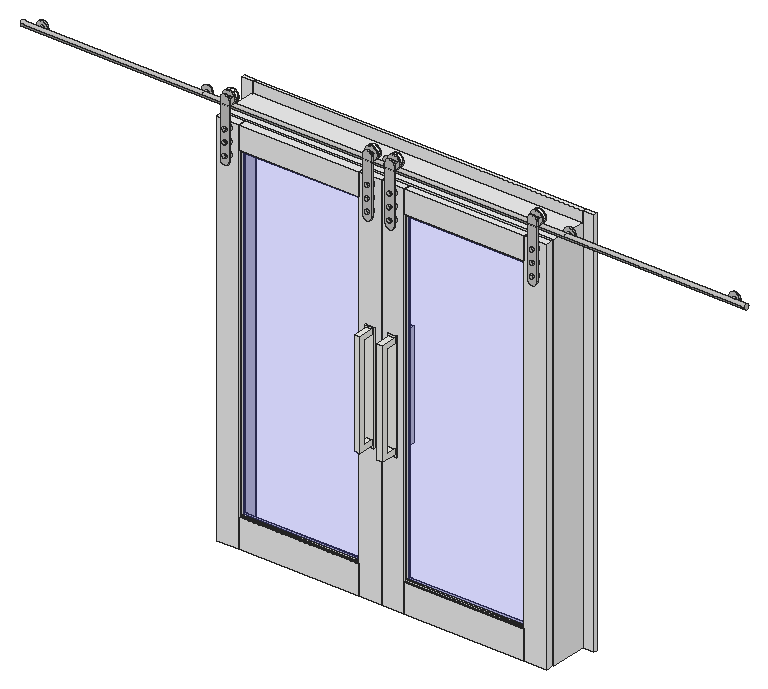
Revit family "Interior_Correr_Externa_c_Trilho_Metlico_de_2_Folhas_9160", category Portas, Revit 2015
Parameters (values of type "1800 x 2100 mm")
  Vão_Largura = Largura + 2 * Aduela_Espessura  # 1830 mm
  Vão_Altura = Altura + Aduela_Espessura  # 2115 mm
  Vidro = Porta - Vidro
  Verga = ""
  URL = "www.cesarita.com"
  Comentários de tipos = "100% Paramétrico"
  Trilho_Afastado da Face da Parede = 12.5 mm
  Trilho = Metal - Aço Inox
  Roldana_Ressalto = 80 mm
  Roldana - Plástico = Plástico
  Roldana = Metal - Aço Inox
  Rodízio/Calha & Guia = ""
  Puxador_Distância Y = 1070 mm
  Puxador_Distância X = Couceira_Lateral / 2  # 62.5 mm
  Puxador_Altura = 550 mm
  Puxador = Porta - Puxador
  Peitoril/Soleira = ""
  Painel_Largura = Vão_Largura / 2  # 915 mm
  Ombreiras = ""
  Guia = Metal - Aço Inox
  Função = Interior
  Fecho_Pano Exterior = 15 mm
  Fechaduras = ""
  Dobradiças = ""
  Couceira_Travessa Superior = 125 mm
  Couceira_Travessa Inferior = 165 mm
  Couceira_Lateral = 125 mm
  Couceira = Porta - Couceira Pintura de Cor Branco
  Painel_Espessura = 40 mm
  Modelo = "2 Folhas de Correr Externa"
  Fabricante = "CESARITA"
  Altura = 2100 mm
  Fechamento da parede = Por hospedeiro
  Largura = 1800 mm
  Grosseiro = Porta - Grosseiro Pintura de Cor Branco
  Descrição = "Porta de Madeira - Mógno c/ Vidro Liso"
  Assembly Code = ""
  Aduela_Espessura = 15 mm
  Aduela = Porta - Aduela Pintura de Cor Branco
  Abertura % = 0
  Abertura = if(Abertura % > 100, Vão_Largura, if(Abertura % < 0, 0 mm, Vão_Largura * Abertura % / 100))  # 0 mm
Reference planes
  plane 1 "Centro (Frente/Tardoz)": y = 0
  plane 2 "Centro (Esquerda/Direita)": x = -1.363
  plane 3 "Interior": y = 100
  plane 4 "Exterior": y = -100
  plane 5 "Aduela_Esquerda": x = -916.363
  plane 6 "Aduela_Direita": x = 913.637
  plane 7 "Topo": z = 2100
  plane 8 "Inferior": z = 0
  plane 9: y = 0
  plane 10 "Direita": x = 898.637
  plane 11: x = 903.637
  plane 12: x = -906.363
  plane 13 "Aduela_Superior": z = 2115
  plane 14: z = 2105
  plane 15 "Esquerda": x = -901.363
  plane 16: y = -112.5
  plane 17: y = -152.5
  plane 18: y = -132.5
  plane 19: y = 85
  plane 20 "Guia - Esquerda": x = -853.863
  plane 21 "Guia - Direita": x = 851.137
  plane 22: x = -1.363
  plane 23: x = -1.363
  plane 24: x = -451.363
  plane 25: x = 448.637
Forms (mm)
  Sweep 1, solid, material "Porta - Grosseiro Pintura de Cor Branco" <- "Grosseiro"
    path origin (-2.726, 100, 0) x (-1, 0, 0) y (0, 0, 1)
      loop
        line (-916.363, 0) -> (-916.363, 2175)
    profile "Grosseiro - Tipo 2 : (60 x 20) mm" origin (913.637, 100, 1087.5) x (-1, 0, 0) y (0, -1, 0)
      loop
        line (0, 0) -> (-60, 0) -> (-60, -20) -> (0, -20) -> (0, 0)
  Sweep 2, solid, material "Porta - Grosseiro Pintura de Cor Branco" <- "Grosseiro"
    path origin (0, 100, 15) x (1, 0, 0) y (0, 0, 1)
      loop
        line (913.637, 2100) -> (-916.363, 2100)
    profile "Grosseiro - Tipo 2 : (60 x 20) mm" origin (-1.363, 100, 2115) x (0, 0, -1) y (0, -1, 0)
      loop
        line (0, 0) -> (-60, 0) -> (-60, -20) -> (0, -20) -> (0, 0)
  Sweep 3, solid, material "Porta - Grosseiro Pintura de Cor Branco" <- "Grosseiro"
    path origin (930, 100, 0) x (1, 0, 0) y (0, 0, 1)
      loop
        line (-1846.363, 0) -> (-1846.363, 2175)
    profile "Grosseiro - Tipo 2 : (60 x 20) mm" origin (-916.363, 100, 1087.5) x (-1, 0, 0) y (0, -1, 0)
      loop
        line (0, 0) -> (0, -20) -> (60, -20) -> (60, 0) -> (0, 0)
  Sweep 4, solid, material "Porta - Aduela Pintura de Cor Branco" <- "Aduela"
    path origin (0, 0, 0) x (1, 0, 0) y (0, 0, 1)
      loop
        line (-916.363, 0) -> (-916.363, 2115) -> (913.637, 2115) -> (913.637, 0)
    profile origin (913.637, 0, 1057.5) x (0, -1, 0) y (1, 0, 0)
      loop
        line (-100, -10) -> (100, -10) -> (100, 0) -> (-100, 0) -> (-100, -10)
Lines and regions (mm)
  Opening 1
    outline origin (-5000, -100, 0) x (1, 0, 0) y (0, 0, 1)
      loop
        line (4083.637, 2115) -> (4083.637, 0) -> (5913.637, 0) -> (5913.637, 2115) -> (4083.637, 2115)
Text (mm)
  text "Exterior" at (-1213.695, -188.974, 0), in view "Nível - Referência"
  text "Exterior" at (0, 1615.38, 3698.081), in view "Esquerda"
  text "Exterior" at (0, 1036.032, 3874.932), in view "Direita"
Dimensions and locks
  locked: plane 3 "Interior" to host wall at 0
  locked: plane 4 "Exterior" to host wall
  "Altura": plane 7 "Topo" to plane 8 "Inferior"
  "Vão_Largura": plane 5 "Aduela_Esquerda" to plane 6 "Aduela_Direita"
  equal spacing: plane 5 "Aduela_Esquerda", plane 2 "Centro (Esquerda/Direita)", plane 6 "Aduela_Direita"
  "Aduela_Espessura": plane 10 "Direita" to plane 6 "Aduela_Direita"
  locked: plane 5 "Aduela_Esquerda" to plane 12 at 10
  locked: plane 11 to plane 6 "Aduela_Direita" at 10
  "Vão_Altura": plane 13 "Aduela_Superior" to level
  locked: plane 13 "Aduela_Superior" to plane 14 at 10
  "Aduela_Espessura": plane 5 "Aduela_Esquerda" to plane 15 "Esquerda"
  "Trilho_Afastado da Face da Parede": plane 4 "Exterior" to plane 16
  "Painel_Espessura": plane 16 to plane 17
  equal spacing: plane 16, plane 18, plane 17
  "Fecho_Pano Exterior": plane 3 "Interior" to plane 19
  locked: plane 5 "Aduela_Esquerda" to plane 20 "Guia - Esquerda" at 62.5
  locked: plane 6 "Aduela_Direita" to plane 21 "Guia - Direita" at 62.5
  "Abertura": plane 22 to plane 23
  equal spacing: plane 22, plane 2 "Centro (Esquerda/Direita)", plane 23
  equal spacing: plane 15 "Esquerda", plane 24, plane 2 "Centro (Esquerda/Direita)"
  equal spacing: plane 10 "Direita", plane 25, plane 2 "Centro (Esquerda/Direita)"
  aligned and locked: plane 1 "Centro (Frente/Tardoz)" to host wall
  aligned and locked: level to plane 8 "Inferior"
  aligned and locked: Sweep 1 sketch curve to Sweep 2
  aligned and locked: Sweep 4 sketch curve to plane 6 "Aduela_Direita"  (x2)
  aligned and locked: plane 5 "Aduela_Esquerda" to Sweep 4 sketch curve
  aligned and locked: plane 11 to Sweep 4 sketch curve
  aligned and locked: Sweep 4 sketch curve to plane 4 "Exterior"
  aligned and locked: plane 13 "Aduela_Superior" to Sweep 4 sketch curve
  aligned and locked: plane 13 "Aduela_Superior" to Sweep 2 sketch curve
  aligned and locked: plane 16 to nested 1
  aligned and locked: plane 17 to nested 1
  aligned and locked: Opening 1 sketch curve to plane 5 "Aduela_Esquerda"
  aligned and locked: Opening 1 sketch curve to plane 13 "Aduela_Superior"
  aligned and locked: Opening 1 sketch curve to plane 6 "Aduela_Direita"
  aligned and locked: level to Opening 1 sketch curve
  aligned and locked: plane 5 "Aduela_Esquerda" to Sweep 3 sketch curve
  aligned: nested 1 to plane 6 "Aduela_Direita"  (x2)
  aligned: plane 18 to nested 2
  aligned: plane 5 "Aduela_Esquerda" to nested 2
  aligned: nested 2 to plane 18
  aligned and locked: plane 18 to nested 2
  aligned: plane 6 "Aduela_Direita" to nested 2
  aligned and locked: nested 2 to plane 13 "Aduela_Superior"
  aligned and locked: plane 3 "Interior" to Sweep 4 sketch curve
  aligned and locked: nested 3 to plane 20 "Guia - Esquerda"
  aligned and locked: nested 3 to plane 18
  aligned: plane 23 to nested 1
  aligned and locked: nested 1 to plane 22
  aligned and locked: plane 21 "Guia - Direita" to nested 4
  aligned and locked: plane 18 to nested 4
  aligned and locked: nested 1 to nested 5
  aligned: nested 5 to nested 1
  aligned and locked: plane 24 to nested 5
  aligned and locked: plane 25 to nested 6
  aligned and locked: nested 7 to plane 23
  aligned and locked: nested 7 to plane 18
  aligned and locked: nested 6 to nested 7
Automatic sketch dimensions
  Sweep 1 sketch curve to level = 0 mm
  plane 5 "Aduela_Esquerda" to Sweep 2 sketch curve = 0 mm
  Sweep 2 sketch curve to plane 6 "Aduela_Direita" = 0 mm
  Sweep 3 sketch curve to level = 0 mm
  Sweep 4 sketch curve to level = 0 mm  (x2)
  Sweep 1 sketch curve to plane 13 "Aduela_Superior" = 60 mm
  plane 13 "Aduela_Superior" to Sweep 3 sketch curve = 60 mm
Nested families
  nested 1: "Painel - Vidro Liso" at (-458.863, -132.5, 0) x (-1, 0, 0) z (0, 0, 1), type "Painel"
    with Largura 915 mm, Altura 2115 mm
  nested 2: "Trilho Metálico c Roldana Duplo" at (63.637, -85, 0) x (-1, 0, 0) z (0, 0, 1), type "Conjunto Duplo"
    with Vão_Largura 1830 mm, Vão_Altura 2115 mm, Painel_Largura 915 mm
  nested 3: "Guia - Painel" at (-853.863, -132.5, 0), type "Guia - Painel"
  nested 4: "Guia - Painel" at (851.137, -132.5, 0) x (-1, 0, 0) z (0, 0, 1), type "Guia - Painel"
  nested 5: "Seta Tracejada -  Elevação" at (-776.363, 0, 1067.5) x (-1, 0, 0) z (0, -1, 0), type "Elevação"
  nested 6: "Seta Tracejada -  Elevação" at (773.637, 0, 1072.5) x (1, 0, 0) z (0, -1, 0), type "Elevação"
  nested 7: "Painel - Vidro Liso" at (456.137, -132.5, 0), type "Painel"
    with Largura 915 mm, Altura 2115 mm
Definition of nested family "Painel - Vidro Liso"
  Parameters
    Width = 900 mm
    URL = "www.cesarita.com"
    Type Comments = "100% Paramétrico"
    Thickness = 40 mm
    Vidro = none
    Puxador_Distância Y = 1070 mm
    Puxador_Distância X = Couceira_Lateral / 2  # 62.5 mm
    Puxador_Altura = 550 mm
    Puxador = none
    Modelo - Puxador = Puxador - Barra Vertical (11) : s fechadura
    Manufacturer = "CESARITA"
    Height = 2100 mm
    Function = (empty or 0)
    Description = ""
    Couceira_Travessa Inferior = 165 mm
    Couceira_Lateral = 125 mm
    Couceira_Travessa Superior = 125 mm
    Couceira = none
  Reference planes
    plane 1 "Centro (Frente/Tardoz)": y = 0
    plane 2: z = 0
    plane 3 "Centro (Esquerda/Direita)": x = 0
    plane 4 "Esquerda": x = -450
    plane 5 "Direita": x = 450
    plane 6 "Frontal": y = 20
    plane 7 "Tardoz": y = -20
    plane 8: z = 2100
    plane 9: x = -325
    plane 10: x = 325
    plane 11: x = 315
    plane 12: x = -315
    plane 13: z = 1975
    plane 14: z = 1965
    plane 15: z = 165
    plane 16: z = 175
    plane 17: z = 1070
    plane 18: z = 3
    plane 19: z = 1070
    plane 20: x = -387.5
  Forms (mm)
    Extrusion 1, solid, material <- "Couceira"
      sketch origin (-387.5, 0, 0) x (-1, 0, 0) y (0, 0, -1)
        loop
          line (-712.5, -2100) -> (-62.5, -2100) -> (-62.5, -1975) -> (-712.5, -1975) -> (-712.5, -2100)
      from -20 to 20
    Extrusion 2, solid, material <- "Couceira"
      sketch origin (-387.5, 0, -2000) x (-1, 0, 0) y (0, 0, -1)
        loop
          line (-712.5, -2165) -> (-62.5, -2165) -> (-62.5, -2003) -> (-712.5, -2003) -> (-712.5, -2165)
      from -20 to 20
    Sweep 3, solid, material <- "Couceira"
      path origin (1425.131, 0, -634.509) x (1, 0, 0) y (0, 0, 1)
        loop
          line (-1750.131, 2609.509) -> (-1750.131, 799.509) -> (-1100.131, 799.509) -> (-1100.131, 2609.509) -> (-1750.131, 2609.509)
      profile origin (0, 0, 1975) x (0, 0, 1) y (0, -1, 0)
        loop
          line (0, -15) -> (0, -6) -> (-10, -6) -> (-10, -10) -> (-5, -10) -> (-5, -15) -> (0, -15)
        loop
          line (-10, 10) -> (-10, 6) -> (0, 6) -> (0, 15) -> (-5, 15) -> (-5, 10) -> (-10, 10)
    Extrusion 4, solid, material <- "Vidro"
      sketch origin (389.827, 0, -751.012) x (1, 0, 0) y (0, 0, 1)
        loop
          line (-714.827, 2726.012) -> (-714.827, 916.012) -> (-64.827, 916.012) -> (-64.827, 2726.012) -> (-714.827, 2726.012)
      from -6 to 6
    Extrusion 5, solid, material <- "Couceira"
      sketch origin (173.073, 0, 0) x (1, 0, 0) y (0, 1, 0)
        loop
          line (-623.073, 20) -> (-623.073, -20) -> (-498.073, -20) -> (-498.073, 20) -> (-623.073, 20)
      from 3 to 2100
    Extrusion 6, solid, material <- "Couceira"
      sketch origin (1083.073, 0, 0) x (1, 0, 0) y (0, 1, 0)
        loop
          line (-758.073, 20) -> (-758.073, -20) -> (-633.073, -20) -> (-633.073, 20) -> (-758.073, 20)
      from 3 to 2100
    Extrusion 7, void
      sketch origin (0, 0, 0) x (0, 1, 0) y (0, 0, 1)
        loop
          line (-4, 21) -> (-4, 3) -> (4, 3) -> (4, 21) -> (-4, 21)
      from -450 to 450
  Cuts and joins
    Extrusion 7 cuts Extrusion 2
    Extrusion 7 cuts Extrusion 6
    Extrusion 7 cuts Extrusion 5
  Dimensions and locks
    "Width": plane 4 "Esquerda" to plane 5 "Direita"
    equal spacing: plane 4 "Esquerda", plane 3 "Centro (Esquerda/Direita)", plane 5 "Direita"
    equal spacing: plane 7 "Tardoz", plane 1 "Centro (Frente/Tardoz)", plane 6 "Frontal"
    "Thickness": plane 7 "Tardoz" to plane 6 "Frontal"
    locked: plane 12 to plane 9 at 10
    locked: plane 11 to plane 10 at 10
    locked: plane 13 to plane 14 at 10
    locked: plane 16 to plane 15 at 10
    "Couceira_Travessa Superior": plane 8 to plane 13
    "Couceira_Travessa Inferior": plane 15 to plane 2
    "Couceira_Lateral": plane 9 to plane 4 "Esquerda"
    "Couceira_Lateral": plane 10 to plane 5 "Direita"
    locked: plane 18 to plane 2 at 3
    "Puxador_Distância Y": plane 19 to level
    "Puxador_Distância X": plane 4 "Esquerda" to plane 20
    "Height": plane 8 to level
    aligned and locked: Extrusion 1 sketch curve to plane 13
    aligned and locked: Extrusion 1 sketch curve to plane 9
    aligned and locked: Extrusion 1 sketch curve to plane 10
    aligned and locked: Extrusion 2 sketch curve to plane 15
    aligned and locked: Extrusion 2 sketch curve to plane 18
    aligned and locked: profile plane to Sweep 3 sketch curve
    aligned and locked: plane 9 to Sweep 3 sketch curve
    aligned and locked: Sweep 3 sketch curve to plane 15
    aligned and locked: plane 10 to Sweep 3 sketch curve
    aligned and locked: Sweep 3 sketch curve to plane 13
    aligned and locked: plane 7 "Tardoz" to nested 1
    aligned and locked: plane 20 to nested 1
    aligned and locked: nested 2 to plane 20
    aligned and locked: nested 2 to plane 6 "Frontal"
    aligned and locked: plane 19 to nested 1
    aligned and locked: nested 2 to plane 19
    aligned and locked: level to plane 2
    aligned and locked: Extrusion 5 sketch curve to plane 7 "Tardoz"
    aligned and locked: Extrusion 5 sketch curve to plane 6 "Frontal"
    aligned and locked: plane 9 to Extrusion 5 sketch curve
    aligned and locked: plane 9 to Extrusion 4 sketch curve
    aligned and locked: Extrusion 4 sketch curve to plane 13
    aligned and locked: plane 10 to Extrusion 4 sketch curve
    aligned and locked: Extrusion 4 sketch curve to plane 15
    aligned and locked: Extrusion 6 sketch curve to plane 10
    aligned and locked: Extrusion 6 sketch curve to plane 7 "Tardoz"
    aligned and locked: Extrusion 6 sketch curve to plane 6 "Frontal"
    aligned and locked: Extrusion 6 to plane 18
    aligned and locked: plane 4 "Esquerda" to Extrusion 5 sketch curve
    aligned and locked: Extrusion 6 sketch curve to plane 5 "Direita"
    aligned and locked: plane 8 to Extrusion 5
    aligned and locked: plane 8 to Extrusion 6
    aligned and locked: plane 8 to Extrusion 1
    aligned: Extrusion 7 to plane 4 "Esquerda"
    aligned: Extrusion 7 to plane 5 "Direita"
    aligned: Extrusion 7 to plane 10
    aligned and locked: cut or joined group of Extrusion 5, Extrusion 7 to Extrusion 7
    aligned and locked: cut or joined group of Extrusion 6, Extrusion 7 to Extrusion 7
  Automatic sketch dimensions
    plane 10 to Extrusion 2 sketch curve = 0 mm
    Extrusion 2 sketch curve to plane 9 = 0 mm
    profile plane to Sweep 3 sketch curve = 0 mm
    profile plane to Sweep 3 sketch curve = 5 mm
    Sweep 3 sketch curve to Sweep 3 sketch curve = 5 mm  (x5)
    Sweep 3 sketch curve to plane 1 "Centro (Frente/Tardoz)" = 15 mm
    Sweep 3 sketch curve to Sweep 3 sketch curve = 4 mm  (x2)
    plane 1 "Centro (Frente/Tardoz)" to Sweep 3 sketch curve = 6 mm
    Extrusion 1 sketch curve to plane 8 = 0 mm
    Extrusion 7 sketch curve to plane 6 "Frontal" = 24 mm
    Extrusion 7 sketch curve to Extrusion 7 sketch curve = 8 mm
    plane 18 to Extrusion 7 sketch curve = 0 mm
    Extrusion 7 sketch curve to Extrusion 7 sketch curve = 18 mm
  Nested families
    nested 1: "Puxador - Barra Vertical (11)" at (-444.688, -20, 1070), type <- "Modelo - Puxador", type "s fechadura"
      with Visibilidade - Fechadura no
    nested 2: "Puxador - Barra Vertical (11)" at (-444.688, 20, 1070), type <- "Modelo - Puxador", type "s fechadura"
      with Visibilidade - Fechadura no
  Definition of nested family "Puxador - Barra Vertical (11)"
    Parameters
      Visibilidade - Fechadura = yes
      Visibilidade - Puxador = yes
      URL = "www.cesarita.com"
      Type Comments = "100% Paramétrico"
      Puxador_Altura = 550 mm
      Puxador = none
      Manufacturer = "CESARITA"
    Reference planes
      plane 1 "Centro (Frente/Tardoz)": y = 0
      plane 2 "Centro (Elevação)": z = 0
      plane 3: z = 275
      plane 4: z = -275
      plane 5: y = -75
      plane 6 "Centro (Esquerda/Direita)": x = 57.188
      plane 7: z = -400
    Forms (mm)
      Sweep 1, solid, material <- "Puxador", visible <- "Visibilidade - Puxador"
        path origin (81.25, -1, 0) x (0, 0, -1) y (0, -1, 0)
          loop
            line (-275, 4) -> (-275, 74) -> (275, 74) -> (275, 4)
        profile "Quadrado : (30 x 30) mm" origin (81.25, -75, 0) x (0, -1, 0) y (-1, 0, 0)
          loop
            line (15, 39.062) -> (-15, 39.062) -> (-15, 9.062) -> (15, 9.062) -> (15, 39.062)
      Extrusion 2, solid, material <- "Puxador", visible <- "Visibilidade - Puxador"
        sketch origin (16.25, 0, 0) x (1, 0, 0) y (0, 0, 1)
          loop
            line (15.938, 300) -> (15.938, -300) -> (65.938, -300) -> (65.938, 300) -> (15.938, 300)
        from 0 to 5
      Extrusion 3, solid, material <- "Puxador", visible <- "Visibilidade - Fechadura"
        sketch origin (0, 0, 0) x (1, 0, 0) y (0, 0, 1)
          loop
            line (57.518, -384) -> (55.518, -384) -> (55.518, -396) -> (57.518, -396) -> (57.518, -384)
          loop
            arc (46.518, -410) -> (56.518, -420) -> (66.518, -410) r 10
            line (66.518, -410) -> (66.518, -390)
            arc (66.518, -390) -> (56.518, -380) -> (46.518, -390) r 10
            line (46.518, -390) -> (46.518, -410)
        from 0 to 12.5
      Extrusion 4, solid, material <- "Puxador", visible <- "Visibilidade - Fechadura"
        sketch origin (0, 0, 0) x (1, 0, 0) y (0, 0, 1)
          loop
            line (57.518, -384) -> (55.518, -384) -> (55.518, -396) -> (57.518, -396) -> (57.518, -384)
          loop
            circle (56.518, -390) r 8.5
        from 0 to 15
      Extrusion 5, solid, material <- "Puxador", visible <- "Visibilidade - Fechadura"
        sketch origin (0, 0, 0) x (1, 0, 0) y (0, 0, 1)
          loop
            circle (56.518, -400) r 30
        from 0 to 6
      Sweep 6, void
        path origin (0, 0, 0) x (1, 0, 0) y (0, 0, 1)
          loop
            circle (56.518, -400) r 30
        profile origin (56.518, 0, -370) x (0, 0, -1) y (0, -1, 0)
          loop
            arc (0, 4) -> (0.586, 5.414) -> (2, 6) r 2
            line (2, 6) -> (0, 6) -> (0, 4)
    Cuts and joins
      joined: Sweep 1, Extrusion 2
      Sweep 6 cuts Extrusion 3
      Sweep 6 cuts Extrusion 4
      Sweep 6 cuts Extrusion 5
      joined: Extrusion 3, Extrusion 4, Extrusion 5
    Dimensions and locks
      equal spacing: plane 3, level, plane 4
      "Puxador_Altura": plane 3 to plane 4
      locked: plane 4 to plane 7 at 125
      aligned and locked: plane 3 to Sweep 1 sketch curve
      aligned and locked: plane 5 to Sweep 1 sketch curve
      aligned and locked: Sweep 1 sketch curve to plane 4
    Automatic sketch dimensions
      plane 1 "Centro (Frente/Tardoz)" to Sweep 1 sketch curve = 5 mm  (x2)
      Sweep 6 sketch curve to profile plane = 0 mm
      Sweep 6 sketch curve to profile plane = 2 mm
      profile plane to Sweep 6 sketch curve = 4 mm
      Extrusion 2 sketch curve to plane 6 "Centro (Esquerda/Direita)" = 25 mm
      plane 4 to Extrusion 2 sketch curve = 25 mm
      Extrusion 2 sketch curve to plane 3 = 25 mm
      Extrusion 3 sketch curve to plane 6 "Centro (Esquerda/Direita)" = 10.669 mm
      Extrusion 3 sketch curve to plane 6 "Centro (Esquerda/Direita)" = 1.669 mm
      Extrusion 3 sketch curve to plane 6 "Centro (Esquerda/Direita)" = 0.669 mm
      plane 6 "Centro (Esquerda/Direita)" to Extrusion 3 sketch curve = 0.331 mm
      Extrusion 3 sketch curve to plane 7 = 10 mm
      plane 7 to Extrusion 3 sketch curve = 4 mm
      plane 7 to Extrusion 3 sketch curve = 10 mm
      Extrusion 3 sketch curve to Extrusion 3 sketch curve = 6 mm
      Extrusion 4 sketch curve to plane 6 "Centro (Esquerda/Direita)" = 1.669 mm
      Extrusion 4 sketch curve to plane 6 "Centro (Esquerda/Direita)" = 0.669 mm
      plane 6 "Centro (Esquerda/Direita)" to Extrusion 4 sketch curve = 0.331 mm
      plane 7 to Extrusion 4 sketch curve = 4 mm
      Extrusion 4 sketch curve to Extrusion 4 sketch curve = 6 mm  (x2)
      Extrusion 5 sketch curve to plane 7 = 0 mm
      Extrusion 5 sketch curve to plane 6 "Centro (Esquerda/Direita)" = 0.669 mm
      Sweep 6 sketch curve to Sweep 6 sketch curve = 0 mm  (x2)
      Sweep 6 sketch curve to plane 7 = 0 mm
      Sweep 6 sketch curve to plane 6 "Centro (Esquerda/Direita)" = 30.669 mm
      Sweep 6 sketch curve to plane 6 "Centro (Esquerda/Direita)" = 0.669 mm
      plane 6 "Centro (Esquerda/Direita)" to Extrusion 2 sketch curve = 25 mm
      radius of Extrusion 4 sketch curve = 8.5 mm
      radius of Extrusion 5 sketch curve = 30 mm
Definition of nested family "Trilho Metálico c Roldana Duplo"
  Parameters
    URL = "www.cesarita.com"
    Type Comments = "100% Paramétrico"
    Vão_Largura = 1800 mm
    Vão_Altura = 2100 mm
    Trilho = none
    Roldana_Ressalto = 62.5 mm
    Roldana - Plástico = none
    Roldana = none
    Painel_Largura = Vão_Largura / 2  # 900 mm
    Painel_Espessura = 40 mm
    Manufacturer = "CESARITA"
    Assembly Code = ""
    Abertura % = 0
    Abertura = if(Abertura % > 100, Vão_Largura, if(Abertura % < 0, 0 mm, Vão_Largura * Abertura % / 100))  # 0 mm
  Reference planes
    plane 1 "Centro (Frente/Tardoz)": y = -15
    plane 2 "Inferior": z = 0
    plane 3 "Centro (Esquerda/Direita)": x = 65
    plane 4 "Esquerda": x = -835
    plane 5 "Direita": x = 965
    plane 6 "Topo": z = 2100
    plane 7: x = 1415
    plane 8: x = 1865
    plane 9: x = 2045
    plane 10: x = 127.5
    plane 11: x = 902.5
    plane 12: z = 2125
    plane 13: y = -47.5
    plane 14: y = -55
    plane 15: y = -40
    plane 16: y = -41
    plane 17: y = -54
    plane 18: x = 65
    plane 19: x = 965
    plane 20: z = 2175
    plane 21: z = 2167.5
    plane 22: y = -57
    plane 23: y = -38
    plane 24: x = -925
    plane 25: x = 1955
    plane 26: x = 1055
    plane 27: x = -1285
    plane 28: x = -1735
    plane 29: x = -1915
    plane 30: x = -1825
    plane 31: x = 2.5
    plane 32: x = -772.5
    plane 33: x = 65
    plane 34: x = -835
  Forms (mm)
    Extrusion 1, solid, material <- "Trilho"
      sketch origin (65, -40.505, 2147.5) x (0, 1, 0) y (0, 0, 1)
        loop
          circle (-6.995, 20) r 12
      from -1980 to 1980
  Dimensions and locks
    "Vão_Largura": plane 5 "Direita" to plane 4 "Esquerda"
    equal spacing: plane 5 "Direita", plane 3 "Centro (Esquerda/Direita)", plane 4 "Esquerda"
    "Vão_Altura": plane 6 "Topo" to level
    "Painel_Largura": plane 5 "Direita" to plane 8
    equal spacing: plane 5 "Direita", plane 7, plane 8
    locked: plane 12 to plane 6 "Topo" at 25
    equal spacing: plane 15, plane 13, plane 14, locked at 7.5 each
    "Roldana_Ressalto": plane 10 to plane 18
    "Roldana_Ressalto": plane 11 to plane 19
    "Painel_Largura": plane 19 to plane 18
    locked: plane 20 to plane 12 at 50
    locked: plane 20 to plane 21 at 7.5
    locked: plane 4 "Esquerda" to plane 24 at 90
    locked: plane 13 to plane 1 "Centro (Frente/Tardoz)" at 32.5
    plane 8 to plane 25 to plane 9 = 90 mm locked, 90 mm locked
    locked: plane 5 "Direita" to plane 26 at 90
    "Painel_Largura": plane 4 "Esquerda" to plane 28
    equal spacing: plane 4 "Esquerda", plane 27, plane 28
    plane 28 to plane 30 to plane 29 = 90 mm locked, 90 mm locked
    "Roldana_Ressalto": plane 31 to plane 33
    "Roldana_Ressalto": plane 32 to plane 34
    "Painel_Largura": plane 34 to plane 33
    equal spacing: plane 33, plane 3 "Centro (Esquerda/Direita)", plane 18
    "Abertura": plane 33 to plane 18
    aligned and locked: Extrusion 1 to plane 9
    aligned and locked: nested 1 to plane 10
    aligned and locked: nested 2 to plane 11
    aligned: nested 1 to plane 12
    aligned and locked: plane 13 to nested 1
    aligned: nested 2 to plane 12
    aligned and locked: plane 13 to nested 2
    aligned: nested 2 to plane 20
    aligned: nested 1 to plane 20
    aligned: plane 1 "Centro (Frente/Tardoz)" to nested 3
    aligned and locked: plane 24 to nested 3
    aligned and locked: plane 21 to nested 3
    aligned and locked: nested 4 to plane 25
    aligned and locked: plane 21 to nested 4
    aligned and locked: plane 1 "Centro (Frente/Tardoz)" to nested 3
    aligned and locked: plane 1 "Centro (Frente/Tardoz)" to nested 4
    aligned: plane 21 to nested 5  (x2)
    aligned and locked: plane 1 "Centro (Frente/Tardoz)" to nested 5
    aligned and locked: nested 5 to plane 26
    aligned and locked: plane 21 to nested 5
    aligned: plane 21 to nested 1
    aligned: plane 21 to nested 2
    aligned: plane 20 to nested 2
    aligned: plane 20 to nested 1
    aligned and locked: plane 20 to nested 1
    aligned and locked: plane 20 to nested 2
    aligned and locked: Extrusion 1 to plane 29
    aligned and locked: plane 21 to nested 6
    aligned and locked: plane 30 to nested 6
    aligned: nested 8 to plane 21
    aligned: nested 7 to plane 21
    aligned and locked: nested 7 to plane 31
    aligned and locked: nested 8 to plane 32
    aligned and locked: nested 8 to plane 20
    aligned and locked: nested 7 to plane 20
    aligned and locked: plane 21 to nested 9
    aligned and locked: plane 3 "Centro (Esquerda/Direita)" to nested 9
  Automatic sketch dimensions
    Extrusion 1 sketch curve to plane 13 = 0 mm
    Extrusion 1 sketch curve to plane 21 = 0 mm
    radius of Extrusion 1 sketch curve = 12 mm
  Nested families
    nested 1: "Roldana" at (127.5, -47.5, 2210), type "Roldana"
    nested 2: "Roldana" at (902.5, -47.5, 2210), type "Roldana"
    nested 3: "Trilho - Suporte" at (-925, -15, 2167.5), type "Suporte"
    nested 4: "Trilho - Suporte" at (1955, -15, 2167.5), type "Suporte"
    nested 5: "Trilho - Suporte" at (1055, -15, 2167.5), type "Suporte"
    nested 6: "Trilho - Suporte" at (-1825, -15, 2167.5), type "Suporte"
    nested 7: "Roldana" at (2.5, -47.5, 2210) x (-1, 0, 0) z (0, 0, 1), type "Roldana"
    nested 8: "Roldana" at (-772.5, -47.5, 2210) x (-1, 0, 0) z (0, 0, 1), type "Roldana"
    nested 9: "Trilho - Suporte" at (65, -15, 2167.5), type "Suporte"
  Definition of nested family "Roldana"
    Parameters
      URL = "www.cesarita.com"
      Type Comments = "100% Paramétrico"
      Roldana - Plástico = none
      Roldana = none
      Painel_Espessura = 40 mm
      Manufacturer = "CESARITA"
    Reference planes
      plane 1 "Centro (Frente/Tardoz)": y = 0
      plane 2 "Inferior": z = 0
      plane 3 "Centro (Esquerda/Direita)": x = 0
      plane 4: y = 20
      plane 5: y = -20
      plane 6: z = -35
      plane 7: y = -35
      plane 8: y = -40
      plane 9: y = -46
    Forms (mm)
      Extrusion 1, solid, material <- "Roldana"
        sketch origin (0, 0, 0) x (1, 0, 0) y (0, 0, 1)
          loop
            circle (0, 0) r 35
        from 9.5 to 12
      Extrusion 2, solid, material <- "Roldana"
        sketch origin (0, 13.301, 0) x (1, 0, 0) y (0, 0, 1)
          loop
            circle (0, 0) r 35
        from 1.301 to 3.801
      Revolve 3, solid, material <- "Roldana - Plástico"
        sketch origin (0, 0, 0) x (1, 0, 0) y (0, 1, 0)
          loop
            line (0, 9.5) -> (-35, 9.5)
            arc (-35, 9.5) -> (-30.331, 0) -> (-35, -9.5) r 12
            line (-35, -9.5) -> (0, -9.5) -> (0, 9.5)
          axis (0, 9.5) -> (0, -9.5)
        angle from 0 to 360
      Extrusion 4, void
        sketch origin (0, 0, 0) x (1, 0, 0) y (0, 0, 1)
          loop
            arc (-25, 0) -> (0, 25) -> (25, 0) r 25
            line (25, 0) -> (25, 35) -> (-25, 35) -> (-25, 0)
        from 40 to 35
      Extrusion 5, solid, material <- "Roldana"
        sketch origin (0, 0, 0) x (1, 0, 0) y (0, 0, 1)
          loop
            line (25, -334.867) -> (25, 25) -> (-25, 25) -> (-25, -334.867) -> (25, -334.867)
        from 35 to 40
      Revolve 6, solid, material <- "Roldana"
        sketch origin (0, 0, 0) x (0, 1, 0) y (0, 0, 1)
          loop
            line (12, 0) -> (12, 10) -> (-35, 10) -> (-35, 0) -> (12, 0)
          axis (-35, 0) -> (12, 0)
        angle from 0 to 360
      Revolve 7, solid, material <- "Roldana"
        sketch origin (0, 0, -145.807) x (0, 1, 0) y (0, 0, 1)
          loop
            line (24, 0.807) -> (24, 23.307) -> (20, 23.307) -> (20, 10.807) -> (-20, 10.807) -> (-20, 23.307) -> (-24, 23.307) -> (-24, 10.807) -> (-35, 10.807) -> (-35, 0.807) -> (24, 0.807)
          axis (-35, 0.807) -> (24, 0.807)
        angle from 0 to 360
      Extrusion 8, solid, material <- "Roldana"
        sketch origin (0, 0, -10) x (1, 0, 0) y (0, 0, 1)
          loop
            circle (0, -135) r 10
          loop
            circle (0, -201.667) r 10
          loop
            circle (0, -268.333) r 10
        from 40 to 46
      Extrusion 9, void
        sketch origin (0, 0, -299.867) x (1, 0, 0) y (0, 0, 1)
          loop
            line (-25, 0) -> (-25, -35) -> (25, -35) -> (25, 0)
            arc (25, 0) -> (0, -25) -> (-25, 0) r 25
        from 35 to 40
      Revolve 10, solid, material <- "Roldana"
        sketch origin (0, 0, -212.473) x (0, 1, 0) y (0, 0, 1)
          loop
            line (24, 0.807) -> (24, 23.307) -> (20, 23.307) -> (20, 10.807) -> (-20, 10.807) -> (-20, 23.307) -> (-24, 23.307) -> (-24, 10.807) -> (-35, 10.807) -> (-35, 0.807) -> (24, 0.807)
          axis (-35, 0.807) -> (24, 0.807)
        angle from 0 to 360
      Revolve 11, solid, material <- "Roldana"
        sketch origin (0, 0, -279.14) x (0, 1, 0) y (0, 0, 1)
          loop
            line (24, 0.807) -> (24, 23.307) -> (20, 23.307) -> (20, 10.807) -> (-20, 10.807) -> (-20, 23.307) -> (-24, 23.307) -> (-24, 10.807) -> (-35, 10.807) -> (-35, 0.807) -> (24, 0.807)
          axis (-35, 0.807) -> (24, 0.807)
        angle from 0 to 360
    Cuts and joins
      Extrusion 4 cuts Extrusion 1
      Extrusion 4 cuts Revolve 3
      Extrusion 4, Extrusion 9 cuts Extrusion 5
      Extrusion 9 cuts Revolve 6
    Dimensions and locks
      locked: plane 8 to plane 7 at 5
      locked: plane 7 to plane 5 at 15
      "Painel_Espessura": plane 5 to plane 4
      equal spacing: plane 5, plane 1 "Centro (Frente/Tardoz)", plane 4
      locked: plane 9 to plane 8 at 6
      aligned: cut or joined group of Extrusion 4, Extrusion 5, Extrusion 9 to Extrusion 4
      aligned: plane 8 to cut or joined group of Extrusion 4, Extrusion 5, Extrusion 9
      aligned: cut or joined group of Extrusion 4, Extrusion 5, Extrusion 9 to plane 7
      aligned and locked: plane 8 to Extrusion 4
      aligned and locked: Extrusion 4 to plane 7
      aligned and locked: Extrusion 4 to Extrusion 5
      aligned and locked: Extrusion 5 to Extrusion 4
      aligned and locked: cut or joined group of Extrusion 4, Extrusion 5, Extrusion 9 to Extrusion 9
      aligned and locked: Extrusion 9 to cut or joined group of Extrusion 4, Extrusion 5, Extrusion 9
      aligned and locked: plane 5 to Revolve 7 sketch curve
      aligned and locked: Revolve 7 sketch curve to plane 4
      aligned and locked: Extrusion 8 to plane 8
      aligned and locked: Extrusion 8 to plane 9
    Automatic sketch dimensions
      Extrusion 1 sketch curve to level = 0 mm
      Extrusion 1 sketch curve to plane 3 "Centro (Esquerda/Direita)" = 0 mm
      Extrusion 2 sketch curve to level = 0 mm
      Extrusion 2 sketch curve to plane 3 "Centro (Esquerda/Direita)" = 0 mm
      plane 1 "Centro (Frente/Tardoz)" to Revolve 3 sketch curve = 0 mm
      Revolve 3 sketch curve to plane 3 "Centro (Esquerda/Direita)" = 0 mm  (x2)
      plane 1 "Centro (Frente/Tardoz)" to Revolve 3 sketch curve = 9.5 mm
      Revolve 3 sketch curve to plane 3 "Centro (Esquerda/Direita)" = 35 mm
      Revolve 3 sketch curve to plane 1 "Centro (Frente/Tardoz)" = 9.5 mm
      Revolve 3 sketch curve to Revolve 3 sketch curve = 7.331 mm
      Revolve 3 sketch curve to plane 7 = 4.585 mm
      plane 4 to Revolve 3 sketch curve = 9.302 mm
      Extrusion 4 sketch curve to level = 0 mm  (x3)
      Extrusion 4 sketch curve to plane 3 "Centro (Esquerda/Direita)" = 0 mm
      Extrusion 4 sketch curve to plane 3 "Centro (Esquerda/Direita)" = 25 mm
      Extrusion 4 sketch curve to Extrusion 4 sketch curve = 0 mm  (x2)
      Extrusion 4 sketch curve to Extrusion 4 sketch curve = 35 mm
      Extrusion 5 sketch curve to plane 3 "Centro (Esquerda/Direita)" = 25 mm
      plane 3 "Centro (Esquerda/Direita)" to Extrusion 5 sketch curve = 25 mm
      Extrusion 5 sketch curve to plane 6 = 299.867 mm
      level to Extrusion 5 sketch curve = 25 mm
      Revolve 6 sketch curve to level = 0 mm  (x2)
      Revolve 6 sketch curve to plane 7 = 0 mm
      Revolve 6 sketch curve to Revolve 6 sketch curve = 0.5 mm
      Revolve 6 sketch curve to plane 4 = 8 mm
      plane 4 to Revolve 6 sketch curve = 9.324 mm
      level to Revolve 6 sketch curve = 10 mm
      Revolve 7 sketch curve to plane 7 = 0 mm
      plane 8 to Revolve 7 sketch curve = 10 mm
      Revolve 7 sketch curve to Revolve 7 sketch curve = 4 mm
      plane 4 to Revolve 7 sketch curve = 4 mm
      Revolve 7 sketch curve to Revolve 7 sketch curve = 21 mm
      Revolve 7 sketch curve to plane 6 = 110 mm
      Revolve 7 sketch curve to Revolve 7 sketch curve = 0 mm
      Revolve 7 sketch curve to Revolve 7 sketch curve = 10 mm  (x2)
      Revolve 7 sketch curve to Revolve 7 sketch curve = 12.5 mm  (x2)
      Extrusion 8 sketch curve to plane 3 "Centro (Esquerda/Direita)" = 0 mm  (x3)
      Extrusion 8 sketch curve to plane 6 = 243.333 mm
      Extrusion 8 sketch curve to Extrusion 8 sketch curve = 66.667 mm  (x2)
      Extrusion 9 sketch curve to plane 3 "Centro (Esquerda/Direita)" = 0 mm
      plane 3 "Centro (Esquerda/Direita)" to Extrusion 9 sketch curve = 25 mm
      Extrusion 9 sketch curve to Extrusion 9 sketch curve = 0 mm  (x4)
      plane 6 to Extrusion 9 sketch curve = 264.867 mm
      Extrusion 9 sketch curve to Extrusion 9 sketch curve = 35 mm
      Revolve 10 sketch curve to plane 7 = 0 mm
      Revolve 10 sketch curve to plane 5 = 0 mm
      Revolve 10 sketch curve to plane 4 = 0 mm
      plane 8 to Revolve 10 sketch curve = 10 mm
      Revolve 10 sketch curve to Revolve 10 sketch curve = 4 mm
      plane 4 to Revolve 10 sketch curve = 4 mm
      Revolve 10 sketch curve to Revolve 10 sketch curve = 21 mm
      Revolve 10 sketch curve to plane 6 = 176.667 mm
      Revolve 10 sketch curve to Revolve 10 sketch curve = 0 mm
      Revolve 10 sketch curve to Revolve 10 sketch curve = 10 mm  (x2)
      Revolve 10 sketch curve to Revolve 10 sketch curve = 12.5 mm  (x2)
      Revolve 11 sketch curve to plane 7 = 0 mm
      Revolve 11 sketch curve to plane 5 = 0 mm
      Revolve 11 sketch curve to plane 4 = 0 mm
      plane 8 to Revolve 11 sketch curve = 10 mm
      Revolve 11 sketch curve to Revolve 11 sketch curve = 4 mm
      plane 4 to Revolve 11 sketch curve = 4 mm
      Revolve 11 sketch curve to Revolve 11 sketch curve = 21 mm
      Revolve 11 sketch curve to plane 6 = 243.333 mm
      Revolve 11 sketch curve to Revolve 11 sketch curve = 0 mm
      Revolve 11 sketch curve to Revolve 11 sketch curve = 10 mm  (x2)
      Revolve 11 sketch curve to Revolve 11 sketch curve = 12.5 mm  (x2)
      radius of Extrusion 1 sketch curve = 35 mm
      radius of Extrusion 2 sketch curve = 35 mm
      radius of Extrusion 8 sketch curve = 10 mm  (x3)
  Definition of nested family "Trilho - Suporte"
    Parameters
      URL = "www.cesarita.com"
      Type Comments = "Não Paramétrico"
      Roldana = none
      Manufacturer = "CESARITA"
    Reference planes
      plane 1 "Centro (Frente/Tardoz)": y = 0
      plane 2 "Inferior": z = 0
      plane 3 "Centro (Esquerda/Direita)": x = 0
      plane 4: y = -5
      plane 5: y = -40
    Forms (mm)
      Extrusion 1, solid, material <- "Roldana"
        sketch origin (0, 0, 0) x (1, 0, 0) y (0, 0, 1)
          loop
            circle (0, 0) r 30
        from 0 to 5
      Extrusion 2, solid, material <- "Roldana"
        sketch origin (0, 0, 0) x (1, 0, 0) y (0, 0, 1)
          loop
            circle (0, 0) r 7
        from 0 to 40
    Cuts and joins
      joined: Extrusion 1, Extrusion 2
    Dimensions and locks
      locked: plane 1 "Centro (Frente/Tardoz)" to plane 4 at 5
      aligned and locked: Extrusion 1 to plane 1 "Centro (Frente/Tardoz)"
      aligned and locked: Extrusion 1 to plane 4
      aligned and locked: Extrusion 2 to plane 5
Definition of nested family "Guia - Painel"
  Parameters
    URL = "www.cesarita.com"
    Type Comments = "Não Paramétrico"
    Guia = none
    Manufacturer = "CESARITA"
  Reference planes
    plane 1 "Centro (Frente/Tardoz)": y = 0
    plane 2 "Inferior": z = 0
    plane 3 "Centro (Esquerda/Direita)": x = 0
    plane 4: y = -3.5
    plane 5: y = 3.5
  Forms (mm)
    Extrusion 1, solid, material <- "Guia"
      sketch origin (0, 0, 0.5) x (1, 0, 0) y (0, 0, 1)
        loop
          line (-20, -0.5) -> (20, -0.5) -> (20, 20) -> (-20, 20) -> (-20, -0.5)
      from -3.5 to 3.5
  Dimensions and locks
    plane 5 to plane 1 "Centro (Frente/Tardoz)" to plane 4 = 3.5 mm locked, 3.5 mm locked
    aligned: Extrusion 1 to plane 1 "Centro (Frente/Tardoz)"
    aligned and locked: Extrusion 1 to plane 4
    aligned and locked: Extrusion 1 to plane 5
    aligned and locked: Extrusion 1 to plane 2 "Inferior"
Definition of nested family "Seta Tracejada -  Elevação"
  Parameters
    Assembly Code = ""
  Reference planes
    plane 1 "Centro (Frente/Tardoz)": y = 2.5
    plane 2: z = 0
    plane 3 "Centro (Esquerda/Direita)": x = -325
  Lines and regions (mm)
    detail lines, in view "Nível - Referência"
      curve 1: line (-400, 2.5, 0) -> (-250, 2.5, 0)
      curve 2: line (-250, 2.5, 0) -> (-325, 67.5, 0)
      curve 3: line (-250, 2.5, 0) -> (-325, -65.311, 0)
